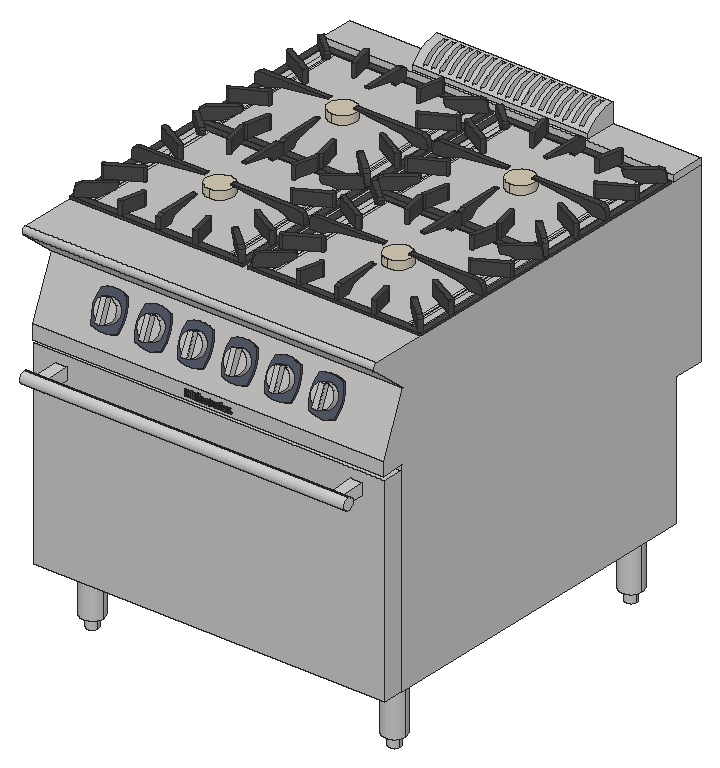
Revit family "QF_ELECTROLUXPROFESSIONAL_391164_E9GCGH4CEN", category Specialty Equipment, Revit 2018 (continued)
Definition of nested family "371009_BURNER"
  Parameters
    Weight in Pounds = 0
    URL Cutsheet = ""
    URL = "www.electrolux.com"
    Type Mark [instance] = ""
    Status [instance] = ""
    Specification by User [instance] = ""
    Specification by Manufacturer = ""
    Show Clearance [instance] = yes
    Serial Number = ""
    Seismic Rating = ""
    SMACNA No = ""
    Revision Code [instance] = ""
    Omniclass Number and Title = ""
    NAFEM Spec ID Number = ""
    Model = "371009"
    Masterspec = ""
    Manufacturer = "ELECTROLUX"
    Item Number [instance] = ""
    Installed By [instance] = ""
    Identify Quantity as Lot [instance] = yes
    Furnished By [instance] = ""
    Foodservice Equipment Identifier [instance] = yes
    Description = ""
    CSI MasterFormat = ""
    CSI Master Format = ""
  Reference planes
    plane 1 "BACK": y = 0
    plane 2: z = 0
    plane 3 "LEFT": x = 0
    plane 4 "RIGHT": x = 393.7
    plane 5 "FRONT": y = -355.6
    plane 6 "TOP": z = 908.85
    plane 7 "Center Y": x = 196.85
    plane 8 "Center X": y = -177.8
    plane 9 "Base": z = 150
    plane 10: z = 850.85
  Forms (mm)
    Extrusion 1, solid
      sketch origin (-6.433, -404.961, 5) x (1, 0, 0) y (0, 0, -1)
        loop
          arc (7.142, -850.85) -> (6.739, -862.989) -> (9.761, -874.752) r 42.809
          line (9.761, -874.752) -> (19.961, -879.425) -> (173.122, -879.425)
          arc (173.122, -879.425) -> (174.316, -878.312) -> (173.289, -877.043) r 1.197
          line (173.289, -877.043) -> (64.848, -864.021)
          arc (64.848, -864.021) -> (50.111, -858.738) -> (36.589, -850.85) r 85.245
          line (36.589, -850.85) -> (7.142, -850.85)
        loop
          line (399.424, -850.85) -> (369.977, -850.85)
          arc (369.977, -850.85) -> (356.455, -858.738) -> (341.718, -864.021) r 85.245
          line (341.718, -864.021) -> (233.277, -877.043)
          arc (233.277, -877.043) -> (232.25, -878.312) -> (233.444, -879.425) r 1.197
          line (233.444, -879.425) -> (386.605, -879.425) -> (396.806, -874.752)
          arc (396.806, -874.752) -> (399.827, -862.989) -> (399.424, -850.85) r 42.809
      from 224.564 to 234.564
    Extrusion 2, solid
      sketch origin (196.85, 175.397, 1219.2) x (0, 1, 0) y (0, 0, 1)
        loop
          line (-204.463, -363.35) -> (-175.397, -363.35) -> (-175.397, -339.506)
          arc (-175.397, -339.506) -> (-181.025, -338.266) -> (-185.611, -334.775) r 13.39
          line (-185.611, -334.775) -> (-278.903, -334.775)
          arc (-278.903, -334.775) -> (-280.097, -335.888) -> (-279.07, -337.157) r 1.197
          line (-279.07, -337.157) -> (-227.151, -347.464)
          arc (-227.151, -347.464) -> (-213.741, -352.457) -> (-204.463, -363.35) r 28.426
        loop
          arc (-496.332, -363.35) -> (-487.053, -352.457) -> (-473.644, -347.464) r 28.426
          line (-473.644, -347.464) -> (-421.725, -337.157)
          arc (-421.725, -337.157) -> (-420.697, -335.888) -> (-421.891, -334.775) r 1.197
          line (-421.891, -334.775) -> (-515.184, -334.775)
          arc (-515.184, -334.775) -> (-519.769, -338.266) -> (-525.397, -339.506) r 13.39
          line (-525.397, -339.506) -> (-525.397, -363.35) -> (-496.332, -363.35)
      from -5 to 5
    Extrusion 3, solid
      sketch origin (-6.433, 367.064, 850.85) x (0, -1, 0) y (1, 0, 0)
        loop
          line (722.664, 6.433) -> (722.664, 400.133) -> (367.064, 400.133) -> (367.064, 6.433) -> (722.664, 6.433)
        loop
          line (382.064, 21.433) -> (707.664, 21.433) -> (707.664, 385.133) -> (382.064, 385.133) -> (382.064, 21.433)
      from 0 to 5
    Extrusion 4, solid
      sketch origin (-18.933, 367.064, 855.85) x (0, -1, 0) y (1, 0, 0)
        loop
          circle (541.667, 215.783) r 30
      from -1.321 to 17.134
    Extrusion 5, solid
      sketch origin (-6.433, -367.064, 0) x (1, 0, 0) y (0, 0, -1)
        loop
          line (21.433, -855.85) -> (36.589, -855.85)
          arc (36.589, -855.85) -> (40.561, -855.243) -> (44.305, -853.783) r 18.259
          arc (44.305, -853.783) -> (45.997, -853.366) -> (47.69, -853.783) r 3.649
          arc (47.69, -853.783) -> (49.901, -854.522) -> (52.232, -854.529) r 7.328
          line (52.232, -854.529) -> (354.334, -854.529)
          arc (354.334, -854.529) -> (356.666, -854.522) -> (358.877, -853.783) r 7.328
          arc (358.877, -853.783) -> (360.569, -853.366) -> (362.261, -853.783) r 3.649
          arc (362.261, -853.783) -> (366.005, -855.243) -> (369.977, -855.85) r 18.259
          line (369.977, -855.85) -> (385.133, -855.85) -> (385.133, -850.85) -> (21.433, -850.85) -> (21.433, -855.85)
      from 26.464 to 352.064
    Extrusion 6, solid
      sketch origin (83.284, -458.334, 5) x (0.742103, 0.670286, 0) y (0, 0, -1)
        loop
          arc (88.629, -864.012) -> (73.909, -858.731) -> (60.402, -850.85) r 85.245
          line (60.402, -850.85) -> (14.993, -850.85)
          arc (14.993, -850.85) -> (14.642, -862.948) -> (17.686, -874.663) r 42.876
          line (17.686, -874.663) -> (27.899, -879.425) -> (89.664, -879.425)
          arc (89.664, -879.425) -> (92.39, -878.352) -> (93.654, -875.709) r 4
          arc (93.654, -875.709) -> (92.562, -869.25) -> (88.629, -864.012) r 13.87
        loop
          arc (457.638, -864.012) -> (453.704, -869.25) -> (452.613, -875.709) r 13.87
          arc (452.613, -875.709) -> (453.876, -878.352) -> (456.603, -879.425) r 4
          line (456.603, -879.425) -> (518.367, -879.425) -> (528.581, -874.663)
          arc (528.581, -874.663) -> (531.624, -862.948) -> (531.273, -850.85) r 42.876
          line (531.273, -850.85) -> (485.865, -850.85)
          arc (485.865, -850.85) -> (472.357, -858.731) -> (457.638, -864.012) r 85.245
      from 127.064 to 137.064
    Extrusion 7, solid
      sketch origin (310.416, -458.334, 5) x (-0.742103, 0.670286, 0) y (0, 0, 1)
        loop
          arc (88.629, 864.012) -> (92.562, 869.25) -> (93.654, 875.709) r 13.87
          arc (93.654, 875.709) -> (92.39, 878.352) -> (89.664, 879.425) r 4
          line (89.664, 879.425) -> (27.899, 879.425) -> (17.686, 874.663)
          arc (17.686, 874.663) -> (14.642, 862.948) -> (14.993, 850.85) r 42.876
          line (14.993, 850.85) -> (60.402, 850.85)
          arc (60.402, 850.85) -> (73.909, 858.731) -> (88.629, 864.012) r 85.245
        loop
          arc (457.638, 864.012) -> (472.357, 858.731) -> (485.865, 850.85) r 85.245
          line (485.865, 850.85) -> (531.273, 850.85)
          arc (531.273, 850.85) -> (531.624, 862.948) -> (528.581, 874.663) r 42.876
          line (528.581, 874.663) -> (518.367, 879.425) -> (456.603, 879.425)
          arc (456.603, 879.425) -> (453.876, 878.352) -> (452.613, 875.709) r 4
          arc (452.613, 875.709) -> (453.704, 869.25) -> (457.638, 864.012) r 13.87
      from 127.064 to 137.064
    Extrusion 8, solid
      sketch origin (-6.433, 367.064, 855.85) x (0, -1, 0) y (1, 0, 0)
        loop
          arc (626.166, 9.428) -> (632.956, 7.454) -> (634.93, 14.244) r 5
          line (634.93, 14.244) -> (600.514, 76.878)
          arc (600.514, 76.878) -> (593.724, 78.852) -> (591.75, 72.062) r 5
          line (591.75, 72.062) -> (626.166, 9.428)
        loop
          line (463.562, 9.428) -> (497.977, 72.062)
          arc (497.977, 72.062) -> (496.003, 78.852) -> (489.213, 76.878) r 5
          line (489.213, 76.878) -> (454.798, 14.244)
          arc (454.798, 14.244) -> (456.772, 7.454) -> (463.562, 9.428) r 5
        loop
          line (626.166, 397.138) -> (591.75, 334.504)
          arc (591.75, 334.504) -> (593.724, 327.714) -> (600.514, 329.689) r 5
          line (600.514, 329.689) -> (634.93, 392.323)
          arc (634.93, 392.323) -> (632.956, 399.113) -> (626.166, 397.138) r 5
        loop
          arc (463.562, 397.138) -> (456.772, 399.113) -> (454.798, 392.323) r 5
          line (454.798, 392.323) -> (489.213, 329.689)
          arc (489.213, 329.689) -> (496.003, 327.714) -> (497.977, 334.504) r 5
          line (497.977, 334.504) -> (463.562, 397.138)
        loop
          line (715.14, 293.499) -> (666.703, 282.317)
          arc (666.703, 282.317) -> (662.956, 276.32) -> (668.953, 272.573) r 5
          line (668.953, 272.573) -> (717.389, 283.756)
          arc (717.389, 283.756) -> (721.136, 289.752) -> (715.14, 293.499) r 5
        loop
          arc (715.14, 113.067) -> (721.136, 116.814) -> (717.389, 122.811) r 5
          line (717.389, 122.811) -> (668.953, 133.993)
          arc (668.953, 133.993) -> (662.956, 130.246) -> (666.703, 124.249) r 5
          line (666.703, 124.249) -> (715.14, 113.067)
        loop
          arc (374.588, 293.499) -> (368.591, 289.752) -> (372.338, 283.756) r 5
          line (372.338, 283.756) -> (420.775, 272.573)
          arc (420.775, 272.573) -> (426.771, 276.32) -> (423.024, 282.317) r 5
          line (423.024, 282.317) -> (374.588, 293.499)
        loop
          line (374.588, 113.067) -> (423.024, 124.249)
          arc (423.024, 124.249) -> (426.771, 130.246) -> (420.775, 133.993) r 5
          line (420.775, 133.993) -> (372.338, 122.811)
          arc (372.338, 122.811) -> (368.591, 116.814) -> (374.588, 113.067) r 5
      from 0 to 28.575
  Lines and regions (mm)
    symbolic lines
      curve 1: line (0, -355.6, 150) -> (393.7, -355.6, 150)
      curve 2: line (0, 0, 150) -> (0, -355.6, 150)
      curve 3: line (393.7, -355.6, 150) -> (393.7, 0, 150)
      curve 4: line (369.633, -15, 150) -> (285.34, -15, 150)
      curve 5: line (24.067, -340.6, 150) -> (108.36, -340.6, 150)
      curve 6: line (157.475, -170.397, 150) -> (157.475, -15, 150)
      curve 7: line (236.225, -170.397, 150) -> (236.225, -15, 150)
      curve 8: line (201.85, -350, 150) -> (201.85, -176.674, 150)
      curve 9: line (0, -180.397, 150) -> (167.224, -180.397, 150)
      curve 10: line (393.7, -170.397, 150) -> (228.275, -170.397, 150)
      curve 11: line (15, -180.397, 150) -> (15, -252.506, 150)
      curve 12: line (45.799, -340.6, 150) -> (45.799, -320.971, 150)
      curve 13: line (167.224, -170.397, 150) -> (0, -170.397, 150)
      curve 14: line (228.275, -180.504, 150) -> (393.7, -180.504, 150)
      curve 15: arc (228.275, -170.397, 150) -> (223.221, -175.45, 150) -> (228.275, -180.504, 150) r 5.054
      curve 16: arc (167.224, -170.397, 150) -> (172.224, -175.397, 150) -> (167.224, -180.397, 150) r 5
      curve 17: line (191.85, -176.674, 150) -> (191.85, -350, 150)
      curve 18: line (201.85, -134.556, 150) -> (201.85, -0.794, 150)
      curve 19: arc (201.85, -176.674, 150) -> (196.85, -171.674, 150) -> (191.85, -176.674, 150) r 5
      curve 20: arc (201.85, -134.556, 150) -> (196.85, -139.556, 150) -> (191.85, -134.556, 150) r 5
      curve 21: line (191.85, -15, 150) -> (118.623, -15, 150)
      curve 22: arc (201.85, -29.042, 150) -> (213.272, -50.008, 150) -> (201.85, -70.973, 150) r 24.953
      curve 23: arc (213.086, -53.048, 150) -> (214.5, -50.008, 150) -> (213.086, -46.967, 150) r 3.975
      curve 24: arc (191.85, -29.852, 150) -> (181.339, -50.008, 150) -> (191.85, -70.163, 150) r 24.58
      curve 25: arc (181.527, -53.042, 150) -> (179.976, -50.008, 150) -> (181.527, -46.973, 150) r 3.745
      curve 26: line (191.85, -0.794, 150) -> (191.85, -134.556, 150)
      curve 27: line (191.85, -350, 150) -> (201.85, -350, 150)
      curve 28: line (191.85, -11.007, 150) -> (201.85, -11.007, 150)
      curve 29: line (191.85, -0.794, 150) -> (201.85, -0.794, 150)
      curve 30: line (201.85, -340.6, 150) -> (275.077, -340.6, 150)
      curve 31: arc (196.85, -145.397, 0) -> (166.955, -172.888, 0) -> (191.85, -204.977, 0) r 30
      curve 32: arc (201.85, -204.977, 0) -> (226.745, -172.888, 0) -> (196.85, -145.397, 0) r 30
      curve 33: arc (158.678, -180.397, 0) -> (170.734, -200.207, 0) -> (191.85, -209.795, 0) r 39.375
      curve 34: line (163.825, -170.397, 150) -> (163.825, -15, 150)
      curve 35: line (229.875, -170.397, 150) -> (229.875, -15, 150)
      curve 36: line (144.775, -170.397, 150) -> (144.775, -15, 150)
      curve 37: line (248.925, -170.397, 150) -> (248.925, -15, 150)
      curve 38: arc (145.678, -180.397, 0) -> (161.728, -209.187, 0) -> (191.85, -222.573, 0) r 52.075
      curve 39: arc (201.85, -209.795, 0) -> (222.966, -200.207, 0) -> (235.022, -180.397, 0) r 39.375
      curve 40: arc (201.85, -222.573, 0) -> (231.931, -209.224, 0) -> (248.001, -180.504, 0) r 52.075
      curve 41: line (393.7, 0, 0) -> (0, 0, 0)
      curve 42: line (70.445, -122.149, 0) -> (7.81, -87.734, 0)
      curve 43: arc (7.81, -87.734, 0) -> (1.021, -89.708, 0) -> (2.995, -96.498, 0) r 5
      curve 44: line (2.995, -96.498, 0) -> (65.629, -130.914, 0)
      curve 45: arc (65.629, -130.914, 0) -> (72.419, -128.939, 0) -> (70.445, -122.149, 0) r 5
      curve 46: line (65.629, -224.686, 0) -> (2.995, -259.102, 0)
      curve 47: arc (2.995, -259.102, 0) -> (1.021, -265.892, 0) -> (7.81, -267.866, 0) r 5
      curve 48: line (7.81, -267.866, 0) -> (70.445, -233.451, 0)
      curve 49: arc (70.445, -233.451, 0) -> (72.419, -226.661, 0) -> (65.629, -224.686, 0) r 5
      curve 50: line (323.255, -122.149, 0) -> (385.89, -87.734, 0)
      curve 51: arc (385.89, -87.734, 0) -> (392.679, -89.708, 0) -> (390.705, -96.498, 0) r 5
      curve 52: line (390.705, -96.498, 0) -> (328.071, -130.914, 0)
      curve 53: arc (328.071, -130.914, 0) -> (321.281, -128.939, 0) -> (323.255, -122.149, 0) r 5
      curve 54: line (328.071, -224.686, 0) -> (390.705, -259.102, 0)
      curve 55: arc (390.705, -259.102, 0) -> (392.679, -265.892, 0) -> (385.89, -267.866, 0) r 5
      curve 56: line (385.89, -267.866, 0) -> (323.255, -233.451, 0)
      curve 57: arc (323.255, -233.451, 0) -> (321.281, -226.661, 0) -> (328.071, -224.686, 0) r 5
      curve 58: line (118.623, -340.6, 150) -> (191.85, -340.6, 150)
      curve 59: line (285.34, -340.6, 150) -> (369.633, -340.6, 150)
      curve 60: line (378.7, -335.314, 0) -> (378.7, -263.916, 0)
      curve 61: line (1.326, -7.935, 0) -> (58.752, -59.804, 0)
      curve 62: line (65.455, -52.383, 0) -> (8.029, -0.514, 0)
      curve 63: arc (58.752, -59.804, 0) -> (65.814, -59.445, 0) -> (65.455, -52.383, 0) r 5
      curve 64: line (1.326, -7.935, 0) -> (8.029, -0.514, 0)
      curve 65: line (392.374, -7.935, 0) -> (334.948, -59.804, 0)
      curve 66: line (328.245, -52.383, 0) -> (385.671, -0.514, 0)
      curve 67: arc (334.948, -59.804, 0) -> (327.886, -59.445, 0) -> (328.245, -52.383, 0) r 5
      curve 68: line (392.374, -7.935, 0) -> (385.671, -0.514, 0)
      curve 69: line (392.374, -347.665, 0) -> (334.948, -295.796, 0)
      curve 70: line (328.245, -303.217, 0) -> (385.671, -355.086, 0)
      curve 71: arc (334.948, -295.796, 0) -> (327.886, -296.155, 0) -> (328.245, -303.217, 0) r 5
      curve 72: line (392.374, -347.665, 0) -> (385.671, -355.086, 0)
      curve 73: line (1.326, -347.665, 0) -> (58.752, -295.796, 0)
      curve 74: line (65.455, -303.217, 0) -> (8.029, -355.086, 0)
      curve 75: arc (58.752, -295.796, 0) -> (65.814, -296.155, 0) -> (65.455, -303.217, 0) r 5
      curve 76: line (1.326, -347.665, 0) -> (8.029, -355.086, 0)
      curve 77: line (347.901, -15, 0) -> (347.901, -34.629, 0)
      curve 78: line (347.901, -320.971, 0) -> (347.901, -340.6, 0)
      curve 79: line (378.7, -252.506, 0) -> (378.7, -180.397, 0)
      curve 80: line (347.901, -246.993, 0) -> (347.901, -307.496, 0)
      curve 81: line (378.7, -170.397, 0) -> (378.7, -103.094, 0)
      curve 82: line (347.901, -180.397, 0) -> (347.901, -235.582, 0)
      curve 83: line (378.7, -91.684, 0) -> (378.7, -20.286, 0)
      curve 84: line (347.901, -120.018, 0) -> (347.901, -170.397, 0)
      curve 85: line (347.901, -48.104, 0) -> (347.901, -108.607, 0)
      curve 86: line (275.077, -15, 150) -> (201.85, -15, 150)
      curve 87: line (108.36, -15, 150) -> (24.067, -15, 150)
      curve 88: line (45.799, -40, 150) -> (45.799, -15, 150)
      curve 89: line (45.799, -108.607, 150) -> (45.799, -40, 150)
      curve 90: line (15, -20.286, 0) -> (15, -91.684, 0)
      curve 91: line (15, -103.094, 0) -> (15, -170.397, 0)
      curve 92: line (45.799, -170.397, 150) -> (45.799, -120.018, 150)
      curve 93: line (45.799, -235.582, 150) -> (45.799, -180.397, 150)
      curve 94: line (15, -263.916, 150) -> (15, -335.314, 150)
      curve 95: line (45.799, -307.496, 150) -> (45.799, -246.993, 150)
      curve 96: line (116.378, -350.325, 0) -> (127.56, -301.889, 0)
      curve 97: arc (127.56, -301.889, 0) -> (123.813, -295.892, 0) -> (117.816, -299.64, 0) r 5
      curve 98: line (117.816, -299.64, 0) -> (106.634, -348.076, 0)
      curve 99: arc (106.634, -348.076, 0) -> (110.381, -354.072, 0) -> (116.378, -350.325, 0) r 5
      curve 100: line (266.14, -301.889, 0) -> (277.322, -350.325, 0)
      curve 101: arc (277.322, -350.325, 0) -> (283.319, -354.072, 0) -> (287.066, -348.076, 0) r 5
      curve 102: line (287.066, -348.076, 0) -> (275.884, -299.64, 0)
      curve 103: arc (275.884, -299.64, 0) -> (269.887, -295.892, 0) -> (266.14, -301.889, 0) r 5
      curve 104: line (275.884, -55.96, 0) -> (287.066, -7.524, 0)
      curve 105: arc (287.066, -7.524, 0) -> (283.319, -1.528, 0) -> (277.322, -5.275, 0) r 5
      curve 106: line (277.322, -5.275, 0) -> (266.14, -53.711, 0)
      curve 107: arc (266.14, -53.711, 0) -> (269.887, -59.708, 0) -> (275.884, -55.96, 0) r 5
      curve 108: line (127.56, -53.711, 0) -> (116.378, -5.275, 0)
      curve 109: arc (116.378, -5.275, 0) -> (110.381, -1.528, 0) -> (106.634, -7.524, 0) r 5
      curve 110: line (106.634, -7.524, 0) -> (117.816, -55.96, 0)
      curve 111: arc (117.816, -55.96, 0) -> (123.813, -59.708, 0) -> (127.56, -53.711, 0) r 5
  Dimensions and locks
    equal spacing: plane 3 "LEFT", plane 7 "Center Y", plane 4 "RIGHT"
    plane 3 "LEFT" to plane 4 "RIGHT" = 393.7 mm
    equal spacing: plane 5 "FRONT", plane 8 "Center X", plane 1 "BACK"
    plane 5 "FRONT" to plane 1 "BACK" = 355.6 mm
    plane 6 "TOP" to level = 908.85 mm
    plane 9 "Base" to level = 150 mm
    plane 6 "TOP" to plane 10 = 58 mm  (x2)
    locked: Extrusion 4 sketch curve to plane 7 "Center Y" at 0
    aligned and locked: level to plane 2
  Automatic sketch dimensions
    curve 10 to plane 4 "RIGHT" = 0 mm
    curve 20 to plane 7 "Center Y" = 0 mm
    curve 19 to plane 7 "Center Y" = 0 mm
    curve 9 to plane 3 "LEFT" = 0 mm
    plane 1 "BACK" to curve 2 = 0 mm
    plane 1 "BACK" to curve 3 = 0 mm
    plane 5 "FRONT" to curve 2 = 0 mm
    curve 4 to plane 4 "RIGHT" = 24.067 mm
    curve 59 to plane 4 "RIGHT" = 24.067 mm
    plane 1 "BACK" to curve 37 = 15 mm
    plane 7 "Center Y" to curve 37 = 52.075 mm
    curve 37 to curve 7 = 12.7 mm
    curve 7 to curve 35 = 6.35 mm
    plane 8 "Center X" to curve 15 = 2.35 mm
    curve 35 to curve 15 = 1.6 mm
    plane 7 "Center Y" to curve 23 = 16.236 mm
    curve 23 to curve 23 = 0 mm
    curve 23 to curve 23 = 2.56 mm
    curve 23 to curve 24 = 4.607 mm
    plane 7 "Center Y" to curve 86 = 5 mm
    plane 7 "Center Y" to curve 27 = 5 mm
    curve 22 to plane 7 "Center Y" = 8.531 mm
    curve 22 to curve 25 = 4.597 mm
    curve 25 to curve 25 = 2.194 mm  (x2)
    curve 9 to plane 8 "Center X" = 2.597 mm
    curve 17 to curve 9 = 24.626 mm
    curve 21 to curve 34 = 28.025 mm
    curve 34 to curve 6 = 6.35 mm
    plane 8 "Center X" to curve 36 = 7.403 mm
    curve 6 to curve 36 = 12.7 mm
    plane 3 "LEFT" to curve 12 = 45.799 mm
    plane 3 "LEFT" to curve 87 = 24.067 mm
    plane 3 "LEFT" to curve 5 = 24.067 mm
    plane 1 "BACK" to curve 26 = 0.794 mm
    curve 28 to curve 86 = 3.993 mm
    curve 28 to curve 21 = 3.993 mm
    curve 86 to curve 22 = 14.042 mm
    curve 22 to curve 24 = 0.81 mm
    curve 22 to curve 23 = 17.925 mm
    curve 25 to curve 22 = 3.035 mm
    plane 8 "Center X" to curve 26 = 43.244 mm
    curve 15 to curve 15 = 5.054 mm
    plane 8 "Center X" to curve 17 = 1.126 mm
    curve 94 to curve 12 = 5.286 mm
    curve 58 to plane 5 "FRONT" = 15 mm
    curve 59 to plane 5 "FRONT" = 15 mm
    curve 8 to plane 5 "FRONT" = 5.6 mm
    plane 3 "LEFT" to Extrusion 1 sketch curve = 0.709 mm
    plane 3 "LEFT" to Extrusion 1 sketch curve = 3.327 mm
    Extrusion 1 sketch curve to Extrusion 1 sketch curve = 10.201 mm
    plane 10 to Extrusion 1 sketch curve = 5 mm  (x2)
    Extrusion 1 sketch curve to Extrusion 1 sketch curve = 29.447 mm
    Extrusion 1 sketch curve to Extrusion 1 sketch curve = 12.704 mm  (x2)
    Extrusion 1 sketch curve to Extrusion 1 sketch curve = 15.555 mm  (x2)
    plane 3 "LEFT" to Extrusion 1 sketch curve = 79.689 mm
    Extrusion 1 sketch curve to plane 7 "Center Y" = 30.161 mm
    Extrusion 1 sketch curve to Extrusion 1 sketch curve = 0.167 mm  (x2)
    plane 7 "Center Y" to Extrusion 1 sketch curve = 29.994 mm
    Extrusion 1 sketch curve to plane 4 "RIGHT" = 79.689 mm
    plane 10 to Extrusion 1 sketch curve = 18.171 mm
    Extrusion 1 sketch curve to plane 4 "RIGHT" = 58.415 mm
    Extrusion 1 sketch curve to plane 4 "RIGHT" = 13.528 mm
    Extrusion 1 sketch curve to plane 4 "RIGHT" = 3.327 mm
    Extrusion 1 sketch curve to plane 4 "RIGHT" = 0.709 mm
    Extrusion 1 sketch curve to Extrusion 1 sketch curve = 23.902 mm  (x2)
    Extrusion 1 sketch curve to plane 6 "TOP" = 26.807 mm  (x2)
    Extrusion 1 sketch curve to Extrusion 1 sketch curve = 1.185 mm  (x2)
    Extrusion 1 sketch curve to Extrusion 1 sketch curve = 5.694 mm
    Extrusion 2 sketch curve to plane 1 "BACK" = 0 mm
    plane 1 "BACK" to Extrusion 2 sketch curve = 10.213 mm
    plane 10 to Extrusion 2 sketch curve = 5 mm  (x2)
    plane 1 "BACK" to Extrusion 2 sketch curve = 29.066 mm
    plane 10 to Extrusion 2 sketch curve = 20.886 mm
    Extrusion 2 sketch curve to Extrusion 2 sketch curve = 22.688 mm  (x2)
    Extrusion 2 sketch curve to plane 10 = 7.392 mm  (x2)
    Extrusion 2 sketch curve to plane 6 "TOP" = 24.425 mm
    Extrusion 2 sketch curve to Extrusion 2 sketch curve = 51.752 mm
    Extrusion 2 sketch curve to plane 6 "TOP" = 26.807 mm  (x2)
    Extrusion 2 sketch curve to Extrusion 2 sketch curve = 0.167 mm  (x2)
    Extrusion 2 sketch curve to plane 8 "Center X" = 68.528 mm
    Extrusion 2 sketch curve to plane 5 "FRONT" = 60.248 mm
    Extrusion 2 sketch curve to Extrusion 2 sketch curve = 2.895 mm
    Extrusion 2 sketch curve to plane 5 "FRONT" = 15.813 mm
    Extrusion 2 sketch curve to plane 5 "FRONT" = 5.6 mm
    Extrusion 2 sketch curve to Extrusion 2 sketch curve = 4.731 mm
    Extrusion 2 sketch curve to Extrusion 2 sketch curve = 23.844 mm
    Extrusion 2 sketch curve to Extrusion 2 sketch curve = 1.185 mm
    plane 1 "BACK" to Extrusion 3 sketch curve = 0 mm
    Extrusion 3 sketch curve to plane 3 "LEFT" = 0 mm
    plane 5 "FRONT" to Extrusion 3 sketch curve = 0 mm
    Extrusion 3 sketch curve to plane 4 "RIGHT" = 0 mm
    plane 1 "BACK" to Extrusion 3 sketch curve = 15 mm
    Extrusion 3 sketch curve to plane 5 "FRONT" = 15 mm
    plane 3 "LEFT" to Extrusion 3 sketch curve = 15 mm
    Extrusion 3 sketch curve to plane 4 "RIGHT" = 15 mm
    Extrusion 3 to Extrusion 4 sketch curve = 159.603 mm
    Extrusion 5 sketch curve to plane 10 = 0 mm
    plane 3 "LEFT" to Extrusion 5 sketch curve = 15 mm
    Extrusion 5 sketch curve to Extrusion 5 sketch curve = 14.402 mm
    plane 10 to Extrusion 5 sketch curve = 5 mm
    Extrusion 5 sketch curve to Extrusion 5 sketch curve = 15.156 mm
    plane 10 to Extrusion 5 sketch curve = 2.933 mm  (x3)
    Extrusion 5 sketch curve to Extrusion 5 sketch curve = 7.716 mm  (x2)
    Extrusion 5 sketch curve to Extrusion 5 sketch curve = 0 mm  (x3)
    Extrusion 5 sketch curve to Extrusion 5 sketch curve = 1.692 mm  (x2)
    Extrusion 5 sketch curve to Extrusion 5 sketch curve = 3.385 mm  (x2)
    Extrusion 5 sketch curve to plane 10 = 3.559 mm  (x2)
    plane 10 to Extrusion 5 sketch curve = 3.679 mm
    Extrusion 5 sketch curve to plane 4 "RIGHT" = 45.799 mm
    Extrusion 5 sketch curve to Extrusion 5 sketch curve = 1.143 mm
    Extrusion 5 sketch curve to plane 10 = 13.244 mm
    Extrusion 5 sketch curve to plane 4 "RIGHT" = 15 mm
    plane 10 to Extrusion 6 sketch curve = 5 mm  (x2)
    Extrusion 6 sketch curve to Extrusion 6 sketch curve = 2.692 mm  (x2)
    Extrusion 6 sketch curve to Extrusion 6 sketch curve = 10.213 mm  (x2)
    plane 10 to Extrusion 6 sketch curve = 12.281 mm
    Extrusion 6 sketch curve to Extrusion 6 sketch curve = 29.348 mm  (x2)
    Extrusion 6 sketch curve to Extrusion 6 sketch curve = 3.155 mm  (x2)
    Extrusion 6 sketch curve to Extrusion 6 sketch curve = 22.572 mm
    Extrusion 6 sketch curve to Extrusion 6 sketch curve = 8.81 mm
    Extrusion 6 sketch curve to Extrusion 6 sketch curve = 9.845 mm  (x2)
    Extrusion 6 sketch curve to Extrusion 6 sketch curve = 3.99 mm  (x2)
    Extrusion 6 sketch curve to Extrusion 6 sketch curve = 0 mm  (x2)
    Extrusion 6 sketch curve to Extrusion 6 sketch curve = 49.533 mm
    Extrusion 6 sketch curve to plane 10 = 64.377 mm
    Extrusion 6 sketch curve to Extrusion 6 sketch curve = 326.397 mm
    Extrusion 6 sketch curve to plane 6 "TOP" = 28.141 mm
    Extrusion 6 sketch curve to Extrusion 6 sketch curve = 16.281 mm
    Extrusion 6 sketch curve to Extrusion 6 sketch curve = 1.035 mm
    Extrusion 6 sketch curve to Extrusion 6 sketch curve = 19.417 mm
    Extrusion 6 sketch curve to Extrusion 6 sketch curve = 4.763 mm  (x2)
    Extrusion 6 sketch curve to Extrusion 6 sketch curve = 3.716 mm
    plane 10 to Extrusion 7 sketch curve = 5 mm  (x2)
    Extrusion 7 sketch curve to Extrusion 7 sketch curve = 2.692 mm  (x2)
    Extrusion 7 sketch curve to Extrusion 7 sketch curve = 10.213 mm  (x2)
    plane 10 to Extrusion 7 sketch curve = 12.281 mm
    Extrusion 7 sketch curve to Extrusion 7 sketch curve = 29.348 mm  (x2)
    Extrusion 7 sketch curve to Extrusion 7 sketch curve = 3.155 mm  (x2)
    Extrusion 7 sketch curve to Extrusion 7 sketch curve = 22.572 mm
    Extrusion 7 sketch curve to Extrusion 7 sketch curve = 8.81 mm
    Extrusion 7 sketch curve to Extrusion 7 sketch curve = 9.845 mm  (x2)
    Extrusion 7 sketch curve to Extrusion 7 sketch curve = 3.99 mm  (x2)
    Extrusion 7 sketch curve to Extrusion 7 sketch curve = 0 mm  (x2)
    Extrusion 7 sketch curve to Extrusion 7 sketch curve = 21.306 mm
    Extrusion 7 sketch curve to plane 10 = 64.377 mm  (x2)
    Extrusion 7 sketch curve to Extrusion 7 sketch curve = 326.397 mm
    Extrusion 7 sketch curve to plane 6 "TOP" = 28.141 mm
    Extrusion 7 sketch curve to Extrusion 7 sketch curve = 16.281 mm
    Extrusion 7 sketch curve to Extrusion 7 sketch curve = 1.035 mm
    Extrusion 7 sketch curve to Extrusion 7 sketch curve = 19.417 mm
    Extrusion 7 sketch curve to Extrusion 7 sketch curve = 7.281 mm
    Extrusion 7 sketch curve to Extrusion 7 sketch curve = 10.713 mm
    curve 58 to curve 12 = 72.824 mm
    curve 30 to curve 30 = 73.227 mm
    curve 58 to curve 5 = 10.263 mm
    curve 5 to curve 58 = 0 mm
    curve 59 to curve 30 = 10.263 mm
    curve 30 to curve 8 = 9.4 mm
    curve 31 to curve 32 = 0 mm
    curve 33 to curve 38 = 0 mm  (x2)
    curve 33 to curve 39 = 0 mm  (x2)
    curve 33 to curve 40 = 0 mm  (x2)
    plane 1 "BACK" to curve 41 = 0 mm
    curve 41 to plane 3 "LEFT" = 0 mm
    curve 31 to plane 7 "Center Y" = 0 mm
    curve 33 to plane 7 "Center Y" = 0 mm
    curve 41 to plane 4 "RIGHT" = 0 mm
    plane 3 "LEFT" to curve 76 = 1.326 mm
    plane 3 "LEFT" to curve 64 = 1.326 mm
    plane 3 "LEFT" to curve 44 = 2.995 mm
    plane 3 "LEFT" to curve 46 = 2.995 mm
    curve 43 to curve 43 = 2.408 mm
    curve 46 to curve 47 = 2.408 mm
    curve 47 to curve 47 = 2.408 mm
    curve 43 to curve 42 = 2.408 mm
    curve 76 to plane 5 "FRONT" = 0.514 mm
    plane 3 "LEFT" to curve 76 = 8.029 mm
    plane 1 "BACK" to curve 62 = 0.514 mm
    plane 3 "LEFT" to curve 62 = 8.029 mm
    curve 48 to curve 75 = 50.941 mm
    curve 43 to curve 63 = 50.941 mm
    curve 75 to curve 75 = 3.351 mm
    curve 63 to curve 63 = 3.351 mm
    plane 1 "BACK" to curve 62 = 52.383 mm
    curve 63 to curve 62 = 3.351 mm
    curve 74 to plane 5 "FRONT" = 52.383 mm
    curve 75 to curve 74 = 3.351 mm
    plane 3 "LEFT" to curve 46 = 65.629 mm
    plane 3 "LEFT" to curve 44 = 65.629 mm
    curve 45 to curve 45 = 2.408 mm
    curve 46 to curve 49 = 2.408 mm
    curve 49 to curve 48 = 2.408 mm
    curve 45 to curve 42 = 2.408 mm
    curve 38 to plane 8 "Center X" = 2.597 mm
    curve 38 to plane 7 "Center Y" = 51.172 mm
    curve 33 to plane 8 "Center X" = 2.597 mm
    curve 38 to curve 33 = 12.999 mm
    curve 33 to plane 7 "Center Y" = 5 mm
    curve 38 to plane 7 "Center Y" = 5 mm
    curve 31 to curve 33 = 0 mm
    plane 7 "Center Y" to curve 32 = 5 mm
    plane 7 "Center Y" to curve 40 = 5 mm
    curve 39 to curve 32 = 0 mm
    curve 39 to plane 8 "Center X" = 2.597 mm
    plane 7 "Center Y" to curve 39 = 38.172 mm
    curve 40 to plane 8 "Center X" = 2.704 mm
    curve 39 to curve 40 = 12.979 mm
    curve 50 to plane 4 "RIGHT" = 70.445 mm
    curve 57 to plane 4 "RIGHT" = 70.445 mm
    curve 50 to curve 53 = 2.408 mm
    curve 57 to curve 57 = 2.408 mm  (x2)
    curve 53 to curve 53 = 2.408 mm
    curve 71 to curve 71 = 3.351 mm
    curve 67 to curve 67 = 3.351 mm
    curve 71 to curve 69 = 3.351 mm
    curve 67 to curve 65 = 3.351 mm
    curve 60 to plane 4 "RIGHT" = 15 mm
    curve 72 to plane 5 "FRONT" = 0.514 mm
    curve 72 to plane 4 "RIGHT" = 8.029 mm
    plane 1 "BACK" to curve 68 = 0.514 mm
    curve 68 to plane 4 "RIGHT" = 8.029 mm
    curve 50 to plane 4 "RIGHT" = 7.81 mm
    curve 55 to plane 4 "RIGHT" = 7.81 mm
    curve 55 to curve 55 = 2.408 mm
    curve 50 to curve 51 = 2.408 mm
    curve 55 to plane 4 "RIGHT" = 2.995 mm
    curve 51 to plane 4 "RIGHT" = 2.995 mm
    curve 69 to plane 4 "RIGHT" = 1.326 mm
    curve 65 to plane 4 "RIGHT" = 1.326 mm
    curve 72 to plane 5 "FRONT" = 7.935 mm
    curve 60 to plane 5 "FRONT" = 20.286 mm
    curve 71 to curve 56 = 27.93 mm
    curve 73 to curve 48 = 27.93 mm
    curve 47 to curve 47 = 4.382 mm
    curve 55 to curve 55 = 4.382 mm
    curve 56 to plane 8 "Center X" = 55.651 mm
    curve 48 to plane 8 "Center X" = 55.651 mm
    curve 57 to curve 57 = 4.382 mm
    curve 49 to curve 49 = 4.382 mm
    curve 40 to plane 8 "Center X" = 44.773 mm
    curve 39 to curve 32 = 4.818 mm
    plane 8 "Center X" to curve 31 = 2.403 mm
    plane 8 "Center X" to curve 45 = 46.886 mm
    plane 8 "Center X" to curve 52 = 46.886 mm
    curve 53 to curve 53 = 4.382 mm
    curve 45 to curve 45 = 4.382 mm
    curve 53 to curve 52 = 34.416 mm
    curve 44 to curve 61 = 36.694 mm
    curve 43 to curve 43 = 4.382 mm
    curve 51 to curve 51 = 4.382 mm
    curve 51 to curve 65 = 27.93 mm
    plane 1 "BACK" to curve 83 = 20.286 mm
    plane 1 "BACK" to curve 88 = 15 mm
    plane 1 "BACK" to curve 77 = 15 mm
    curve 77 to curve 83 = 30.799 mm
    curve 78 to plane 5 "FRONT" = 15 mm
    curve 80 to curve 71 = 7.989 mm
    curve 78 to curve 60 = 30.799 mm
    curve 78 to curve 80 = 13.475 mm
    curve 55 to curve 79 = 10.979 mm
    curve 82 to curve 57 = 6.514 mm
    curve 80 to curve 78 = 0 mm
    curve 80 to curve 82 = 11.41 mm
    curve 77 to curve 66 = 37.77 mm
    curve 60 to curve 79 = 11.41 mm
    plane 8 "Center X" to curve 81 = 7.403 mm
    plane 8 "Center X" to curve 84 = 7.403 mm
    curve 82 to plane 8 "Center X" = 2.597 mm
    curve 82 to curve 84 = 0 mm
    curve 79 to plane 8 "Center X" = 2.597 mm
    curve 79 to curve 81 = 0 mm
    curve 81 to curve 51 = 10.979 mm
    curve 53 to curve 85 = 17.924 mm
    curve 84 to curve 81 = 30.799 mm
    curve 84 to curve 85 = 11.41 mm
    curve 52 to curve 84 = 19.83 mm
    curve 81 to curve 83 = 11.41 mm
    curve 67 to curve 85 = 7.989 mm
    curve 85 to curve 77 = 0 mm
    curve 85 to curve 77 = 13.475 mm
    curve 86 to curve 37 = 26.152 mm
    curve 4 to curve 86 = 10.263 mm
    curve 86 to curve 4 = 0 mm
    curve 36 to curve 21 = 26.152 mm
    curve 88 to curve 88 = 25 mm
    plane 8 "Center X" to curve 89 = 69.193 mm
    curve 43 to curve 90 = 9.597 mm
    curve 43 to curve 90 = 0.432 mm
    plane 1 "BACK" to curve 90 = 20.286 mm
    curve 93 to plane 8 "Center X" = 2.597 mm
    plane 8 "Center X" to curve 91 = 7.403 mm
    curve 95 to plane 8 "Center X" = 69.193 mm
    curve 93 to curve 94 = 28.333 mm
    curve 95 to curve 12 = 33.104 mm
    curve 21 to curve 87 = 10.263 mm
    curve 87 to curve 21 = 0 mm
    curve 91 to curve 90 = 11.41 mm
    curve 89 to curve 87 = 21.732 mm
    curve 89 to curve 92 = 11.41 mm
    curve 92 to curve 89 = 0 mm
    plane 8 "Center X" to curve 92 = 7.403 mm
    curve 91 to curve 90 = 0 mm
    curve 93 to curve 95 = 0 mm
    curve 93 to curve 95 = 11.41 mm
    curve 11 to curve 94 = 0 mm
    curve 11 to curve 94 = 11.41 mm
    curve 95 to curve 11 = 30.799 mm
    curve 95 to curve 12 = 13.475 mm
    plane 3 "LEFT" to curve 95 = 45.799 mm
    curve 95 to curve 5 = 33.104 mm
    Extrusion 8 sketch curve to Extrusion 3 = 5.275 mm  (x2)
    Extrusion 8 sketch curve to Extrusion 8 sketch curve = 1.125 mm  (x16)
    Extrusion 3 to Extrusion 8 sketch curve = 38.711 mm  (x2)
    Extrusion 8 sketch curve to Extrusion 3 = 7.19 mm  (x3)
    Extrusion 3 to Extrusion 8 sketch curve = 72.734 mm  (x2)
    Extrusion 8 sketch curve to Extrusion 8 sketch curve = 4.382 mm  (x16)
    Extrusion 8 sketch curve to Extrusion 3 = 2.995 mm  (x4)
    Extrusion 8 sketch curve to Extrusion 8 sketch curve = 34.416 mm  (x4)
    Extrusion 3 to Extrusion 8 sketch curve = 50.629 mm  (x3)
    Extrusion 8 sketch curve to Extrusion 8 sketch curve = 93.773 mm  (x2)
    Extrusion 3 to Extrusion 8 sketch curve = 40.96 mm  (x2)
    Extrusion 8 sketch curve to Extrusion 3 = 7.476 mm  (x2)
    Extrusion 8 sketch curve to Extrusion 8 sketch curve = 2.408 mm  (x4)
    Extrusion 3 to Extrusion 8 sketch curve = 91.634 mm  (x2)
    Extrusion 8 sketch curve to Extrusion 8 sketch curve = 4.872 mm  (x8)
    Extrusion 8 sketch curve to Extrusion 8 sketch curve = 11.182 mm  (x4)
    Extrusion 3 to Extrusion 8 sketch curve = 112.56 mm
    Extrusion 8 sketch curve to Extrusion 8 sketch curve = 61.931 mm
    Extrusion 3 to Extrusion 8 sketch curve = 55.445 mm
    Extrusion 8 sketch curve to Extrusion 8 sketch curve = 4.816 mm
    curve 67 to curve 85 = 19.656 mm
    curve 71 to curve 80 = 19.656 mm
    curve 99 to plane 5 "FRONT" = 7.524 mm
    curve 74 to curve 99 = 41.179 mm
    curve 98 to curve 99 = 4.872 mm
    curve 96 to plane 5 "FRONT" = 5.275 mm
    curve 99 to curve 96 = 4.872 mm
    curve 99 to curve 98 = 11.182 mm
    curve 98 to curve 97 = 4.872 mm
    curve 96 to plane 5 "FRONT" = 53.711 mm
    curve 97 to curve 96 = 4.872 mm
    curve 97 to curve 97 = 1.125 mm
    curve 103 to curve 70 = 62.105 mm
    curve 103 to curve 103 = 4.872 mm  (x2)
    curve 100 to plane 5 "FRONT" = 5.275 mm
    curve 100 to curve 100 = 11.182 mm
    curve 101 to curve 101 = 4.872 mm
    curve 102 to plane 5 "FRONT" = 7.524 mm
    curve 101 to curve 102 = 4.872 mm
    curve 100 to curve 100 = 48.436 mm
    curve 103 to curve 103 = 1.125 mm
    curve 106 to curve 67 = 62.105 mm
    curve 107 to curve 107 = 4.872 mm
    plane 1 "BACK" to curve 104 = 55.96 mm
    curve 107 to curve 104 = 4.872 mm
    plane 1 "BACK" to curve 105 = 5.275 mm
    curve 107 to curve 105 = 11.182 mm
    curve 105 to curve 105 = 4.872 mm  (x2)
    curve 107 to curve 107 = 1.125 mm
    plane 1 "BACK" to curve 104 = 7.524 mm
    plane 1 "BACK" to curve 109 = 7.524 mm
    curve 62 to curve 109 = 41.179 mm
    curve 109 to curve 109 = 4.872 mm
    plane 1 "BACK" to curve 108 = 5.275 mm
    curve 109 to curve 108 = 4.872 mm
    curve 110 to curve 111 = 11.182 mm
    curve 110 to curve 111 = 4.872 mm
    plane 1 "BACK" to curve 108 = 53.711 mm
    curve 111 to curve 108 = 4.872 mm
    curve 111 to curve 108 = 2.25 mm
    radius of Extrusion 4 sketch curve = 30 mm
